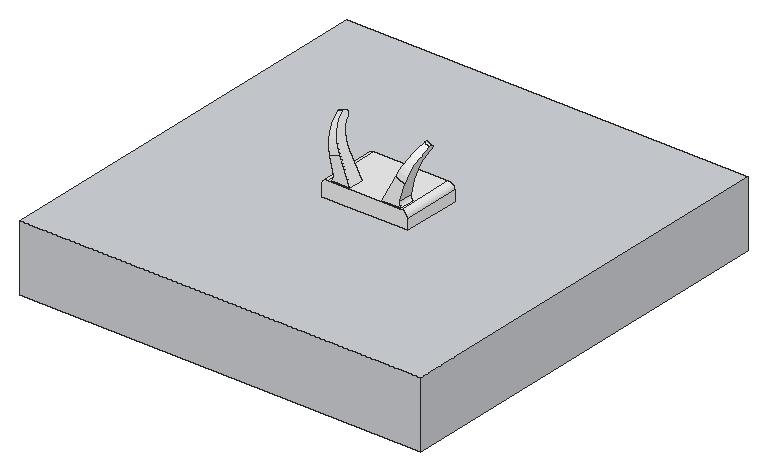
Revit family
Parameters (values of type "932")
  Width = 2.125"
  Warranty Information = "Complete Unit 1 Year Warranty. This Warranty does not cover installation or any other labor charges and does not apply to any units which have been damaged by abuse, improper installation, imporper maintanence, or altered in any way."
  Version = "1.0"
  Unit Material = Metal - Bradley Corp - Chrome
  URL = "http://www.bradleycorp.com/"
  Type Comments = ""
  Technical Data = "n/a"
  Percentage of Recycled Content = 0
  OmniClass Title = "Robe Hooks"
  OmniClass Code = "23.31.25.27"
  Modeling Code = "n/a"
  Model = "932"
  Material Note = "n/a"
  Material = "ZAMAC "
  MasterFormat Title = "Hat and Coat Racks"
  MasterFormat Number = "10 57 13"
  Manufacturer = "Bradley Corporation"
  Low Emitting Material = no
  LEED Credit = ""
  Installation Type = "Wall Mounted"
  Industry Standards = "n/a"
  Height = 1.438"
  Fire Rating = "n/a"
  Description = "Double Robe Hook"
  Depth = 1.625"
  Default Elevation = 64.000"
  Copyright = "This Model is Property of Bradley Corporation"
  Complies to NAFTA = "n/a"
  Buy American Act = "To Be Determined"
  Assembly Code = "C1030200"
  ADA Compliant = "No"
Reference planes (in)
  plane 1 "Center (Front/Back)": y = 0
  plane 2: z = 0
  plane 3 "Center (Left/Right)": x = 0
  plane 4 "Top": y = 0.719
  plane 5 "Bottom": y = -0.719
  plane 6 "Left": x = -1.0625
  plane 7 "Right": x = 1.0625
  plane 8 "Front": z = 1.625
Forms (in)
  Extrusion 1, solid
    sketch origin (0, 0, 0) x (1, 0, 0) y (0, 1, 0)
      loop
        line (-5, 5) -> (-5, -5.07871) -> (4.86411, -5.07871) -> (4.86411, 5) -> (-5, 5)
    from 0 to -1.63994
  Extrusion 2, solid, material "Metal - Bradley Corp - Chrome" <- "Unit Material", detail levels fine
    sketch origin (0, 0, 0) x (1, 0, 0) y (0, 0, 1)
      loop
        line (-1.0625, 0) -> (1.0625, 0) -> (1.0625, 0.25)
        arc (1.0625, 0.25) -> (1.01857, 0.35607) -> (0.9125, 0.4) r 0.15
        line (0.9125, 0.4) -> (-0.9125, 0.4)
        arc (-0.9125, 0.4) -> (-1.01857, 0.35607) -> (-1.0625, 0.25) r 0.15
        line (-1.0625, 0.25) -> (-1.0625, 0)
    from -0.719 to 0.719
  Extrusion 3, solid, material "Metal - Bradley Corp - Chrome" <- "Unit Material", detail levels coarse+medium
    sketch origin (0, 0, 0) x (1, 0, 0) y (0, 0, 1)
      loop
        line (1.0625, 0) -> (1.0625, 0.4) -> (-1.0625, 0.4) -> (-1.0625, 0) -> (1.0625, 0)
    from -0.719 to 0.719
  Extrusion 4, solid, material "Metal - Bradley Corp - Chrome" <- "Unit Material", detail levels fine
    sketch origin (1.06559, 0.21242, 1.63265) x (-0.374607, 0, -0.927184) y (0, 1, 0)
      loop
        line (1.725, -0.99052) -> (1.725, -0.40384)
        arc (1.725, -0.40384) -> (1.68853, -0.46067) -> (1.63169, -0.49715) r 0.15835
        line (1.63169, -0.49715) -> (0.725, -0.56055)
        arc (0.725, -0.56055) -> (0.39349, -0.49425) -> (0.14197, -0.26835) r 0.64021
        arc (0.14197, -0.26835) -> (0.04089, -0.23571) -> (0.00825, -0.33679) r 0.07511
        arc (0.00825, -0.33679) -> (0.29683, -0.68765) -> (0.725, -0.83945) r 0.84884
        line (0.725, -0.83945) -> (1.63169, -0.90285)
        arc (1.63169, -0.90285) -> (1.68724, -0.93722) -> (1.725, -0.99052) r 0.1642
    from -0.26594 to 0.33423
  Extrusion 5, void
    sketch origin (0.26955, 0.00144, -0.33762) x (0.927184, 0, -0.374607) y (0.374607, 0, 0.927184)
      loop
        line (-0.05729, 2.52364) -> (-1.15724, 2.52364) -> (-0.20262, 0.16085) -> (1.17734, 0.71839) -> (0.44797, 2.52364) -> (0.05729, 2.52364) -> (0.05729, 2.23904) -> (0.17937, 0.99851)
        arc (0.17937, 0.99851) -> (0.21452, 0.94212) -> (0.26914, 0.90429) r 0.1642
        line (0.26914, 0.90429) -> (-0.16283, 0.72976) -> (-0.05729, 2.23904) -> (-0.05729, 2.52364)
    from -1 to 1
  Extrusion 6, solid, material "Metal - Bradley Corp - Chrome" <- "Unit Material", detail levels coarse+medium
    sketch origin (1.0702, 0.21091, 1.63079) x (-0.374607, 0, -0.927184) y (0, 1, 0)
      loop
        line (1.725, -0.99052) -> (1.725, -0.40384) -> (0.49062, -0.53335) -> (0.08568, -0.22821) -> (0, -0.30257) -> (0.3779, -0.73796) -> (1.725, -0.99052)
    from -0.17523 to 0.26644
  Extrusion 7, solid, material "Metal - Bradley Corp - Chrome" <- "Unit Material", detail levels fine
    sketch origin (-1.06559, 0.21242, 1.63265) x (0.374607, 0, -0.927184) y (0, -1, 0)
      loop
        arc (1.725, 0.99052) -> (1.68724, 0.93722) -> (1.63169, 0.90285) r 0.1642
        line (1.63169, 0.90285) -> (0.725, 0.83945)
        arc (0.725, 0.83945) -> (0.29683, 0.68765) -> (0.00825, 0.33679) r 0.84884
        arc (0.00825, 0.33679) -> (0.04089, 0.23571) -> (0.14197, 0.26835) r 0.07511
        arc (0.14197, 0.26835) -> (0.39349, 0.49425) -> (0.725, 0.56055) r 0.64021
        line (0.725, 0.56055) -> (1.63169, 0.49715)
        arc (1.63169, 0.49715) -> (1.68853, 0.46067) -> (1.725, 0.40384) r 0.15835
        line (1.725, 0.40384) -> (1.725, 0.99052)
    from -0.26594 to 0.33423
  Extrusion 8, void
    sketch origin (-0.26955, 0.00144, -0.33762) x (-0.927184, 0, -0.374607) y (0.374607, 0, -0.927184)
      loop
        line (-0.05729, -2.52364) -> (-0.05729, -2.23904) -> (-0.16283, -0.72976) -> (0.26914, -0.90429)
        arc (0.26914, -0.90429) -> (0.21452, -0.94212) -> (0.17937, -0.99851) r 0.1642
        line (0.17937, -0.99851) -> (0.05729, -2.23904) -> (0.05729, -2.52364) -> (0.44797, -2.52364) -> (1.17734, -0.71839) -> (-0.20262, -0.16085) -> (-1.15724, -2.52364) -> (-0.05729, -2.52364)
    from -1 to 1
  Extrusion 9, solid, material "Metal - Bradley Corp - Chrome" <- "Unit Material", detail levels coarse+medium
    sketch origin (-1.0702, 0.21091, 1.63079) x (0.374607, 0, -0.927184) y (0, -1, 0)
      loop
        line (1.725, 0.99052) -> (0.3779, 0.73796) -> (0, 0.30257) -> (0.08568, 0.22821) -> (0.49062, 0.53335) -> (1.725, 0.40384) -> (1.725, 0.99052)
    from -0.17485 to 0.26644
  Extrusion 10, void
    sketch origin (0, 0, 0) x (1, 0, 0) y (0, 0, 1)
      loop
        line (-1.0625, 0.4) -> (-1.0625, -0.12185) -> (1.0625, -0.12185) -> (1.0625, 0.4) -> (-1.0625, 0.4)
    from -1 to 1
Cuts and joins
  Extrusion 5, Extrusion 8, Extrusion 10 cuts Extrusion 4
  Extrusion 8, Extrusion 10 cuts Extrusion 6
  Extrusion 8, Extrusion 10 cuts Extrusion 7
  Extrusion 10 cuts Extrusion 9
Lines and regions (in)
  reference lines
    curve 1: line (0, 0, 1.625) -> (0, 0, 0)
Dimensions and locks (in)
  equal spacing: plane 4 "Top", plane 1 "Center (Front/Back)", plane 5 "Bottom"
  "Height": plane 4 "Top" to plane 5 "Bottom"
  equal spacing: plane 7 "Right", plane 3 "Center (Left/Right)", plane 6 "Left"
  "Width": plane 7 "Right" to plane 6 "Left"
  "Depth": plane 8 "Front" to plane 2
  aligned and locked: plane 2 to Extrusion 1
  aligned and locked: level to Extrusion 1
Automatic sketch dimensions
  Extrusion 1 sketch curve to Extrusion 1 sketch curve = 9.86411"
  Extrusion 1 sketch curve to Extrusion 1 sketch curve = 10.07871"
  Extrusion 2 sketch curve to plane 6 "Left" = 0.000"
  Extrusion 2 sketch curve to level = 0.000"
  Extrusion 2 sketch curve to plane 7 "Right" = 0.000"
  plane 6 "Left" to Extrusion 2 sketch curve = 0.150"
  Extrusion 2 sketch curve to Extrusion 2 sketch curve = 0.150"
  level to Extrusion 2 sketch curve = 0.250"
  Extrusion 3 sketch curve to level = 0.000"
  Extrusion 3 sketch curve to plane 6 "Left" = 0.000"
  Extrusion 3 sketch curve to plane 7 "Right" = 0.000"
  level to Extrusion 3 sketch curve = 0.400"
  curve 1 to level = 0.000"
  curve 1 to plane 3 "Center (Left/Right)" = 0.000"
  curve 1 to plane 8 "Front" = 0.000"
  plane 1 "Center (Front/Back)" to Extrusion 4 sketch curve = 0.12437"
  plane 1 "Center (Front/Back)" to Extrusion 4 sketch curve = 0.09015"
  Extrusion 4 sketch curve to Extrusion 4 sketch curve = 0.06686"
  plane 1 "Center (Front/Back)" to Extrusion 4 sketch curve = 0.05592"
  Extrusion 4 sketch curve to Extrusion 4 sketch curve = 0.53837"
  Extrusion 4 sketch curve to plane 5 "Bottom" = 0.09197"
  Extrusion 4 sketch curve to Extrusion 4 sketch curve = 0.58303"
  Extrusion 4 sketch curve to Extrusion 4 sketch curve = 0.000"
  Extrusion 4 sketch curve to Extrusion 4 sketch curve = 0.10387"
  plane 5 "Bottom" to Extrusion 4 sketch curve = 0.12547"
  Extrusion 4 sketch curve to Extrusion 4 sketch curve = 0.84981"
  plane 1 "Center (Front/Back)" to Extrusion 4 sketch curve = 0.13628"
  Extrusion 4 sketch curve to Extrusion 4 sketch curve = 0.00175"
  plane 1 "Center (Front/Back)" to Extrusion 4 sketch curve = 0.28472"
  Extrusion 4 sketch curve to Extrusion 4 sketch curve = 0.05514"
  Extrusion 4 sketch curve to plane 5 "Bottom" = 0.02857"
  Extrusion 4 sketch curve to Extrusion 4 sketch curve = 0.05689"
  plane 1 "Center (Front/Back)" to Extrusion 4 sketch curve = 0.19142"
  plane 1 "Center (Front/Back)" to Extrusion 4 sketch curve = 0.34812"
  plane 3 "Center (Left/Right)" to Extrusion 5 sketch curve = 0.14195"
  plane 8 "Front" to Extrusion 5 sketch curve = 0.81077"
  Extrusion 5 sketch curve to Extrusion 5 sketch curve = 0.95463"
  Extrusion 5 sketch curve to Extrusion 5 sketch curve = 0.03978"
  Extrusion 5 sketch curve to Extrusion 5 sketch curve = 1.09995"
  Extrusion 5 sketch curve to Extrusion 5 sketch curve = 0.11459"
  Extrusion 5 sketch curve to Extrusion 5 sketch curve = 0.3422"
  Extrusion 5 sketch curve to Extrusion 5 sketch curve = 0.08977"
  Extrusion 5 sketch curve to Extrusion 5 sketch curve = 0.06426"
  Extrusion 5 sketch curve to Extrusion 5 sketch curve = 0.39068"
  Extrusion 5 sketch curve to Extrusion 5 sketch curve = 0.84394"
  Extrusion 5 sketch curve to Extrusion 5 sketch curve = 0.2846"
  Extrusion 5 sketch curve to Extrusion 5 sketch curve = 0.000"
  Extrusion 5 sketch curve to Extrusion 5 sketch curve = 1.18365"
  Extrusion 5 sketch curve to Extrusion 5 sketch curve = 0.05689"
  Extrusion 5 sketch curve to Extrusion 5 sketch curve = 0.26875"
  Extrusion 5 sketch curve to Extrusion 5 sketch curve = 0.337"
  plane 1 "Center (Front/Back)" to Extrusion 6 sketch curve = 0.09166"
  plane 1 "Center (Front/Back)" to Extrusion 6 sketch curve = 0.0173"
  Extrusion 6 sketch curve to Extrusion 6 sketch curve = 0.08568"
  Extrusion 6 sketch curve to plane 5 "Bottom" = 0.19195"
  plane 1 "Center (Front/Back)" to Extrusion 6 sketch curve = 0.32244"
  Extrusion 6 sketch curve to Extrusion 6 sketch curve = 0.11272"
  plane 5 "Bottom" to Extrusion 6 sketch curve = 0.06061"
  Extrusion 6 sketch curve to Extrusion 6 sketch curve = 1.23438"
  plane 1 "Center (Front/Back)" to Extrusion 6 sketch curve = 0.19293"
  plane 1 "Center (Front/Back)" to Extrusion 7 sketch curve = 0.12437"
  plane 1 "Center (Front/Back)" to Extrusion 7 sketch curve = 0.09015"
  Extrusion 7 sketch curve to Extrusion 7 sketch curve = 0.06686"
  plane 1 "Center (Front/Back)" to Extrusion 7 sketch curve = 0.05592"
  Extrusion 7 sketch curve to Extrusion 7 sketch curve = 0.53837"
  Extrusion 7 sketch curve to plane 5 "Bottom" = 0.09197"
  Extrusion 7 sketch curve to Extrusion 7 sketch curve = 0.58303"
  Extrusion 7 sketch curve to Extrusion 7 sketch curve = 0.000"
  Extrusion 7 sketch curve to Extrusion 7 sketch curve = 0.10387"
  plane 5 "Bottom" to Extrusion 7 sketch curve = 0.12547"
  Extrusion 7 sketch curve to Extrusion 7 sketch curve = 0.84981"
  plane 1 "Center (Front/Back)" to Extrusion 7 sketch curve = 0.13628"
  Extrusion 7 sketch curve to Extrusion 7 sketch curve = 0.00175"
  plane 1 "Center (Front/Back)" to Extrusion 7 sketch curve = 0.28472"
  Extrusion 7 sketch curve to Extrusion 7 sketch curve = 0.05514"
  Extrusion 7 sketch curve to plane 5 "Bottom" = 0.02857"
  Extrusion 7 sketch curve to Extrusion 7 sketch curve = 0.05689"
  plane 1 "Center (Front/Back)" to Extrusion 7 sketch curve = 0.19142"
  Extrusion 7 sketch curve to Extrusion 7 sketch curve = 0.07078"
  Extrusion 8 sketch curve to plane 3 "Center (Left/Right)" = 0.14195"
  plane 8 "Front" to Extrusion 8 sketch curve = 0.81077"
  Extrusion 8 sketch curve to Extrusion 8 sketch curve = 0.95463"
  Extrusion 8 sketch curve to Extrusion 8 sketch curve = 0.03978"
  Extrusion 8 sketch curve to Extrusion 8 sketch curve = 1.09995"
  Extrusion 8 sketch curve to Extrusion 8 sketch curve = 0.11459"
  Extrusion 8 sketch curve to Extrusion 8 sketch curve = 0.3422"
  Extrusion 8 sketch curve to Extrusion 8 sketch curve = 0.08977"
  Extrusion 8 sketch curve to Extrusion 8 sketch curve = 0.15403"
  Extrusion 8 sketch curve to Extrusion 8 sketch curve = 0.39068"
  Extrusion 8 sketch curve to Extrusion 8 sketch curve = 0.84394"
  Extrusion 8 sketch curve to Extrusion 8 sketch curve = 0.000"  (x2)
  Extrusion 8 sketch curve to Extrusion 8 sketch curve = 0.2846"
  Extrusion 8 sketch curve to Extrusion 8 sketch curve = 0.337"
  Extrusion 8 sketch curve to Extrusion 8 sketch curve = 0.05689"
  Extrusion 8 sketch curve to Extrusion 8 sketch curve = 0.26875"
  plane 1 "Center (Front/Back)" to Extrusion 9 sketch curve = 0.09166"
  plane 1 "Center (Front/Back)" to Extrusion 9 sketch curve = 0.0173"
  Extrusion 9 sketch curve to Extrusion 9 sketch curve = 0.08568"
  Extrusion 9 sketch curve to plane 5 "Bottom" = 0.19195"
  plane 1 "Center (Front/Back)" to Extrusion 9 sketch curve = 0.32244"
  Extrusion 9 sketch curve to Extrusion 9 sketch curve = 0.11272"
  plane 5 "Bottom" to Extrusion 9 sketch curve = 0.06061"
  Extrusion 9 sketch curve to Extrusion 9 sketch curve = 1.23438"
  plane 1 "Center (Front/Back)" to Extrusion 9 sketch curve = 0.19293"
  Extrusion 10 sketch curve to plane 6 "Left" = 0.000"
  Extrusion 10 sketch curve to plane 7 "Right" = 0.000"
  Extrusion 10 sketch curve to level = 0.12185"
  level to Extrusion 10 sketch curve = 0.400"
